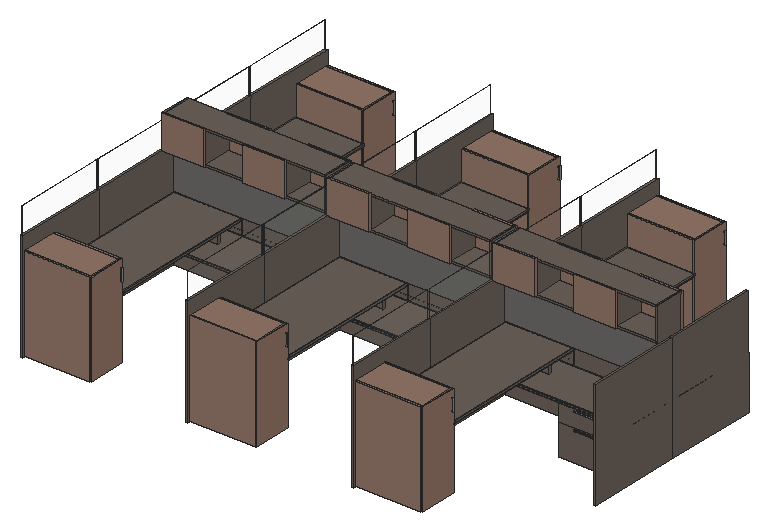
Revit family "T200181", category Furniture, Revit 2015
Parameters (values of type "T200181")
  URL = "https://ofs.com/"
  Type Comments = ""
  Staks slide Out Storage Tower Door Handle = OFS STAKS Metal Handle Material
  Staks slide Out Storage Tower Door = OFS STAKS Veneer Finish
  Staks slide Out Storage Tower Chasis = OFS STAKS Veneer Finish
  Staks fabric Tackboard = STAKS FABRIC TACKBOARD
  Staks Support Panel = STAKS SUPPORT WD
  Staks Spine or Divider Wall = STAKS SURFACE LG
  Staks Double Sided Frosted Glass = OFS STAKS Frosted Glass
  Staks 15h Shared Organizer Door = OFS STAKS Doors Material
  Staks 15h Shared Organizer Board = OFS STAKS Boards
  Model = "T200181"
  Manufacturer = "OFS"
  Description = "OFS TYPICAL T200181"
  Copyright © = "©OFS 2020"
  Catalog = "https://ofs.com/2020-experience"
  Authoring Version = "Autodesk Revit Architecture 2015"
  Assembly Code = "E2020400"
Reference planes (in)
  plane 1 "Center Front/Back": y = 0
  plane 2: z = 0
  plane 3 "Center Left/Right": x = 0
Dimensions and locks (in)
  nested 12 to nested 15 = 72.00"
  aligned and locked: level to plane 2
Nested families (in)
  nested 1: "STAKS SLIDE OUT STORAGE TOWER Full Door" at (-52.49965, -104.47711, 0) x (0, 1, 0) z (0, 0, 1), type "STAKS SLIDE OUT STORAGE TOWER 42H Left - Three Section Felt Pocket & Section Felt Pocket & Stationary Shelf"
  nested 2: "STAKS SLIDE OUT STORAGE TOWER Full Door" at (-52.49965, 104.47711, 0) x (0, -1, 0) z (0, 0, 1), type "STAKS SLIDE OUT STORAGE TOWER 42H Right - Three Section Felt Pocket & Section Felt Pocket & Stationary Shelf"
  nested 3: "STAKS RECTANGULAR WORKSURFACES Worksurface Height" at (-74.33365, -74.05498, 0) x (0, 1, 0) z (0, 0, 1), type "STAKS RECTANGULAR WORKSURFACE 66 x 30"
    with Height Above Floor 29.00"
  nested 4: "STAKS RECTANGULAR WORKSURFACES Worksurface Height" at (-74.33365, 74.05498, 0) x (0, -1, 0) z (0, 0, 1), type "STAKS RECTANGULAR WORKSURFACE 66 x 30"
    with Height Above Floor 29.00"
  nested 5: "STAKS RECTANGULAR WORKSURFACES Short Grain" at (7.05498, -25.83365, -5.875) x (-1, 0, 0) z (0, 0, 1), type "STAKS RECTANGULAR WORKSURFACE 22 x 72"
    with Height Above Floor 29.00"
  nested 6: "STAKS LOW HEIGHT PEDESTAL WIDE - BOX-FILE - NO RISER SUPPORT" at (-36.23105, -24.50035, 0) x (1, 0, 0) z (0, 0, 1), type "STAKS LOW HEIGHT PEDESTAL WIDE - BOX-FILE - NO RISER SUPPORT 30in W x 19in D"
  nested 7: "STAKS LOW HEIGHT PEDESTAL WIDE - BOX-FILE - NO RISER SUPPORT" at (-36.23105, 24.50034, 0), type "STAKS LOW HEIGHT PEDESTAL WIDE - BOX-FILE - NO RISER SUPPORT 30in W x 19in D"
  nested 8: "STAKS RECTANGULAR WORKSURFACES Short Grain" at (7.05498, 25.83365, -5.875) x (-1, 0, 0) z (0, 0, 1), type "STAKS RECTANGULAR WORKSURFACE 22 x 72"
    with Height Above Floor 29.00"
  nested 9: "STAKS SPINE OR DIVIDER WALL 48in" at (-80.05498, 2.33365, 0), type "STAKS SPINE OR DIVIDER WALL 48in X 30in"
    with Height Above Floor 48.00"
  nested 10: "STAKS SPINE OR DIVIDER WALL 48in" at (-50.05498, 2.33365, 0), Staks Spine or Divider Wall <- "Staks Spine or Divider Wall", type "STAKS SPINE OR DIVIDER WALL 48in X 42in"
    with Height Above Floor 48.00"
  nested 11: "STAKS SPINE OR DIVIDER WALL 48in" at (-2.33365, 34.44502, 0) x (0, 1, 0) z (0, 0, 1), Staks Spine or Divider Wall <- "Staks Spine or Divider Wall", type "STAKS SPINE OR DIVIDER WALL 48in X 42in"
    with Height Above Floor 48.00"
  nested 12: "STAKS SPINE OR DIVIDER WALL 48in" at (-2.33365, -34.44502, 0) x (0, -1, 0) z (0, 0, 1), Staks Spine or Divider Wall <- "Staks Spine or Divider Wall", type "STAKS SPINE OR DIVIDER WALL 48in X 42in"
    with Height Above Floor 48.00"
  nested 13: "STAKS SPINE OR DIVIDER WALL 48in" at (-2.33365, -49.55498, 0) x (0, 1, 0) z (0, 0, 1), Staks Spine or Divider Wall <- "Staks Spine or Divider Wall", type "STAKS SPINE OR DIVIDER WALL 48in X 42in"
    with Height Above Floor 48.00"
  nested 14: "STAKS SPINE OR DIVIDER WALL 48in" at (-2.33365, 49.55498, 0) x (0, -1, 0) z (0, 0, 1), Staks Spine or Divider Wall <- "Staks Spine or Divider Wall", type "STAKS SPINE OR DIVIDER WALL 48in X 42in"
    with Height Above Floor 48.00"
  nested 15: "STAKS SPINE OR DIVIDER WALL 48in" at (-75.33365, -34.44502, 0) x (0, -1, 0) z (0, 0, 1), Staks Spine or Divider Wall <- "Staks Spine or Divider Wall", type "STAKS SPINE OR DIVIDER WALL 48in X 42in"
    with Height Above Floor 48.00"
  nested 16: "STAKS SPINE OR DIVIDER WALL 48in" at (-75.33365, -49.55498, 0) x (0, 1, 0) z (0, 0, 1), Staks Spine or Divider Wall <- "Staks Spine or Divider Wall", type "STAKS SPINE OR DIVIDER WALL 48in X 42in"
    with Height Above Floor 48.00"
  nested 17: "STAKS SPINE OR DIVIDER WALL 48in" at (-75.33365, 34.44502, 0) x (0, 1, 0) z (0, 0, 1), Staks Spine or Divider Wall <- "Staks Spine or Divider Wall", type "STAKS SPINE OR DIVIDER WALL 48in X 42in"
    with Height Above Floor 48.00"
  nested 18: "STAKS SPINE OR DIVIDER WALL 48in" at (-75.33365, 49.55498, 0) x (0, -1, 0) z (0, 0, 1), Staks Spine or Divider Wall <- "Staks Spine or Divider Wall", type "STAKS SPINE OR DIVIDER WALL 48in X 42in"
    with Height Above Floor 48.00"
  nested 19: "STAKS DOUBLE SIDED FROSTED GLASS PRIVACY PANEL" at (-70.24572, -46.49606, 0.5) x (0, 1, 0) z (0, 0, 1), type "STAKS DOUBLE SIDED FROSTED GLASS PRIVACY PANEL 41 x 13"
  nested 20: "STAKS DOUBLE SIDED FROSTED GLASS PRIVACY PANEL" at (-70.24572, -4.49606, 0.5) x (0, 1, 0) z (0, 0, 1), type "STAKS DOUBLE SIDED FROSTED GLASS PRIVACY PANEL 41 x 13"
  nested 21: "STAKS DOUBLE SIDED FROSTED GLASS PRIVACY PANEL" at (-70.24572, 46.49606, 0.5) x (0, -1, 0) z (0, 0, 1), type "STAKS DOUBLE SIDED FROSTED GLASS PRIVACY PANEL 41 x 13"
  nested 22: "STAKS DOUBLE SIDED FROSTED GLASS PRIVACY PANEL" at (-70.24572, 4.49606, 0.5) x (0, -1, 0) z (0, 0, 1), type "STAKS DOUBLE SIDED FROSTED GLASS PRIVACY PANEL 41 x 13"
  nested 23: "STAKS DOUBLE SIDED FROSTED GLASS PRIVACY PANEL" at (2.75428, -46.49606, 0.5) x (0, 1, 0) z (0, 0, 1), type "STAKS DOUBLE SIDED FROSTED GLASS PRIVACY PANEL 41 x 13"
  nested 24: "STAKS DOUBLE SIDED FROSTED GLASS PRIVACY PANEL" at (2.75428, -4.49606, 0.5) x (0, 1, 0) z (0, 0, 1), type "STAKS DOUBLE SIDED FROSTED GLASS PRIVACY PANEL 41 x 13"
  nested 25: "STAKS DOUBLE SIDED FROSTED GLASS PRIVACY PANEL" at (2.75428, 46.49606, 0.5) x (0, -1, 0) z (0, 0, 1), type "STAKS DOUBLE SIDED FROSTED GLASS PRIVACY PANEL 41 x 13"
  nested 26: "STAKS DOUBLE SIDED FROSTED GLASS PRIVACY PANEL" at (2.75428, 4.49606, 0.5) x (0, -1, 0) z (0, 0, 1), type "STAKS DOUBLE SIDED FROSTED GLASS PRIVACY PANEL 41 x 13"
  nested 27: "STAKS FABRIC TACKBOARD FOR SPINE OR DIVIDER WALL" at (-79.92998, 1.20865, 6), type "STAKS FABRIC TACKBOARD FOR SPINE OR DIVIDER WALL 18H x 49-73.9375W."
    with Height Above Floor 41.50"
  nested 28: "STAKS FABRIC TACKBOARD FOR SPINE OR DIVIDER WALL" at (-79.92998, -1.20865, 6), type "STAKS FABRIC TACKBOARD FOR SPINE OR DIVIDER WALL 18H x 49-73.9375W."
    with Height Above Floor 41.50"
  nested 29: "STAKS 15H SHARED ORGANIZER Two Openings Alternated" at (-63.67604, 8.33365, 0.5), type "STAKS 15H SHARED ORGANIZER Two Openings Alternated 72in W"
    with Height Above Floor 62.50"
  nested 30: "STAKS SLIDE OUT STORAGE TOWER Full Door" at (20.62535, -104.47711, 0) x (0, 1, 0) z (0, 0, 1), type "STAKS SLIDE OUT STORAGE TOWER 42H Left - Three Section Felt Pocket & Section Felt Pocket & Stationary Shelf"
  nested 31: "STAKS SLIDE OUT STORAGE TOWER Full Door" at (20.62535, 104.47711, 0) x (0, -1, 0) z (0, 0, 1), type "STAKS SLIDE OUT STORAGE TOWER 42H Right - Three Section Felt Pocket & Section Felt Pocket & Stationary Shelf"
  nested 32: "STAKS RECTANGULAR WORKSURFACES Worksurface Height" at (-1.20865, -74.05498, 0) x (0, 1, 0) z (0, 0, 1), type "STAKS RECTANGULAR WORKSURFACE 66 x 30"
    with Height Above Floor 29.00"
  nested 33: "STAKS RECTANGULAR WORKSURFACES Worksurface Height" at (-1.20865, 74.05498, 0) x (0, -1, 0) z (0, 0, 1), type "STAKS RECTANGULAR WORKSURFACE 66 x 30"
    with Height Above Floor 29.00"
  nested 34: "STAKS RECTANGULAR WORKSURFACES Short Grain" at (80.17998, -25.83365, -5.875) x (-1, 0, 0) z (0, 0, 1), type "STAKS RECTANGULAR WORKSURFACE 22 x 72"
    with Height Above Floor 29.00"
  nested 35: "STAKS LOW HEIGHT PEDESTAL WIDE - BOX-FILE - NO RISER SUPPORT" at (36.77672, -24.50035, 0) x (1, 0, 0) z (0, 0, 1), type "STAKS LOW HEIGHT PEDESTAL WIDE - BOX-FILE - NO RISER SUPPORT 30in W x 19in D"
  nested 36: "STAKS LOW HEIGHT PEDESTAL WIDE - BOX-FILE - NO RISER SUPPORT" at (36.76895, 24.50035, 0), type "STAKS LOW HEIGHT PEDESTAL WIDE - BOX-FILE - NO RISER SUPPORT 30in W x 19in D"
  nested 37: "STAKS RECTANGULAR WORKSURFACES Short Grain" at (80.17998, 25.83365, -5.875) x (-1, 0, 0) z (0, 0, 1), type "STAKS RECTANGULAR WORKSURFACE 22 x 72"
    with Height Above Floor 29.00"
  nested 38: "STAKS SPINE OR DIVIDER WALL 48in" at (-6.92998, 2.33365, 0), type "STAKS SPINE OR DIVIDER WALL 48in X 30in"
    with Height Above Floor 48.00"
  nested 39: "STAKS SPINE OR DIVIDER WALL 48in" at (23.07002, 2.33365, 0), Staks Spine or Divider Wall <- "Staks Spine or Divider Wall", type "STAKS SPINE OR DIVIDER WALL 48in X 42in"
    with Height Above Floor 48.00"
  nested 40: "STAKS FABRIC TACKBOARD FOR SPINE OR DIVIDER WALL" at (-6.80498, 1.20865, 6), type "STAKS FABRIC TACKBOARD FOR SPINE OR DIVIDER WALL 18H x 49-73.9375W."
    with Height Above Floor 41.50"
  nested 41: "STAKS FABRIC TACKBOARD FOR SPINE OR DIVIDER WALL" at (-6.80498, -1.20865, 6), type "STAKS FABRIC TACKBOARD FOR SPINE OR DIVIDER WALL 18H x 49-73.9375W."
    with Height Above Floor 41.50"
  nested 42: "STAKS 15H SHARED ORGANIZER Two Openings Alternated" at (9.44896, 8.33365, 0.5), type "STAKS 15H SHARED ORGANIZER Two Openings Alternated 72in W"
    with Height Above Floor 62.50"
  nested 43: "STAKS SPINE OR DIVIDER WALL 48in" at (70.91241, -49.55498, 0) x (0, 1, 0) z (0, 0, 1), Staks Spine or Divider Wall <- "Staks Spine or Divider Wall", type "STAKS SPINE OR DIVIDER WALL 48in X 42in"
    with Height Above Floor 48.00"
  nested 44: "STAKS SPINE OR DIVIDER WALL 48in" at (70.91241, 49.55498, 0) x (0, -1, 0) z (0, 0, 1), Staks Spine or Divider Wall <- "Staks Spine or Divider Wall", type "STAKS SPINE OR DIVIDER WALL 48in X 42in"
    with Height Above Floor 48.00"
  nested 45: "STAKS SLIDE OUT STORAGE TOWER Full Door" at (-125.49965, -104.47711, 0) x (0, 1, 0) z (0, 0, 1), type "STAKS SLIDE OUT STORAGE TOWER 42H Left - Three Section Felt Pocket & Section Felt Pocket & Stationary Shelf"
  nested 46: "STAKS SLIDE OUT STORAGE TOWER Full Door" at (-125.49965, 104.47711, 0) x (0, -1, 0) z (0, 0, 1), type "STAKS SLIDE OUT STORAGE TOWER 42H Right - Three Section Felt Pocket & Section Felt Pocket & Stationary Shelf"
  nested 47: "STAKS RECTANGULAR WORKSURFACES Worksurface Height" at (-147.33365, -74.05498, 0) x (0, 1, 0) z (0, 0, 1), type "STAKS RECTANGULAR WORKSURFACE 66 x 30"
    with Height Above Floor 29.00"
  nested 48: "STAKS RECTANGULAR WORKSURFACES Worksurface Height" at (-147.33365, 74.05498, 0) x (0, -1, 0) z (0, 0, 1), type "STAKS RECTANGULAR WORKSURFACE 66 x 30"
    with Height Above Floor 29.00"
  nested 49: "STAKS RECTANGULAR WORKSURFACES Short Grain" at (-65.94502, -25.83365, -5.875) x (-1, 0, 0) z (0, 0, 1), type "STAKS RECTANGULAR WORKSURFACE 22 x 72"
    with Height Above Floor 29.00"
  nested 50: "STAKS LOW HEIGHT PEDESTAL WIDE - BOX-FILE - NO RISER SUPPORT" at (-109.22711, -24.4942, 0) x (1, 0, 0) z (0, 0, 1), type "STAKS LOW HEIGHT PEDESTAL WIDE - BOX-FILE - NO RISER SUPPORT 30in W x 19in D"
  nested 51: "STAKS LOW HEIGHT PEDESTAL WIDE - BOX-FILE - NO RISER SUPPORT" at (-109.23105, 24.50034, 0), type "STAKS LOW HEIGHT PEDESTAL WIDE - BOX-FILE - NO RISER SUPPORT 30in W x 19in D"
  nested 52: "STAKS RECTANGULAR WORKSURFACES Short Grain" at (-65.94502, 25.83365, -5.875) x (-1, 0, 0) z (0, 0, 1), type "STAKS RECTANGULAR WORKSURFACE 22 x 72"
    with Height Above Floor 29.00"
  nested 53: "STAKS SPINE OR DIVIDER WALL 48in" at (-153.05498, 2.33365, 0), type "STAKS SPINE OR DIVIDER WALL 48in X 30in"
    with Height Above Floor 48.00"
  nested 54: "STAKS SPINE OR DIVIDER WALL 48in" at (-123.05498, 2.33365, 0), Staks Spine or Divider Wall <- "Staks Spine or Divider Wall", type "STAKS SPINE OR DIVIDER WALL 48in X 42in"
    with Height Above Floor 48.00"
  nested 55: "STAKS SPINE OR DIVIDER WALL 48in" at (-148.33365, -34.44502, 0) x (0, -1, 0) z (0, 0, 1), Staks Spine or Divider Wall <- "Staks Spine or Divider Wall", type "STAKS SPINE OR DIVIDER WALL 48in X 42in"
    with Height Above Floor 48.00"
  nested 56: "STAKS SPINE OR DIVIDER WALL 48in" at (-148.33365, -49.55498, 0) x (0, 1, 0) z (0, 0, 1), Staks Spine or Divider Wall <- "Staks Spine or Divider Wall", type "STAKS SPINE OR DIVIDER WALL 48in X 42in"
    with Height Above Floor 48.00"
  nested 57: "STAKS SPINE OR DIVIDER WALL 48in" at (-148.33365, 34.44502, 0) x (0, 1, 0) z (0, 0, 1), Staks Spine or Divider Wall <- "Staks Spine or Divider Wall", type "STAKS SPINE OR DIVIDER WALL 48in X 42in"
    with Height Above Floor 48.00"
  nested 58: "STAKS SPINE OR DIVIDER WALL 48in" at (-148.33365, 49.55498, 0) x (0, -1, 0) z (0, 0, 1), Staks Spine or Divider Wall <- "Staks Spine or Divider Wall", type "STAKS SPINE OR DIVIDER WALL 48in X 42in"
    with Height Above Floor 48.00"
  nested 59: "STAKS DOUBLE SIDED FROSTED GLASS PRIVACY PANEL" at (-143.24572, -46.49606, 0.5) x (0, 1, 0) z (0, 0, 1), type "STAKS DOUBLE SIDED FROSTED GLASS PRIVACY PANEL 41 x 13"
  nested 60: "STAKS DOUBLE SIDED FROSTED GLASS PRIVACY PANEL" at (-143.24572, -4.49606, 0.5) x (0, 1, 0) z (0, 0, 1), type "STAKS DOUBLE SIDED FROSTED GLASS PRIVACY PANEL 41 x 13"
  nested 61: "STAKS DOUBLE SIDED FROSTED GLASS PRIVACY PANEL" at (-143.24572, 46.49606, 0.5) x (0, -1, 0) z (0, 0, 1), type "STAKS DOUBLE SIDED FROSTED GLASS PRIVACY PANEL 41 x 13"
  nested 62: "STAKS DOUBLE SIDED FROSTED GLASS PRIVACY PANEL" at (-143.24572, 4.49606, 0.5) x (0, -1, 0) z (0, 0, 1), type "STAKS DOUBLE SIDED FROSTED GLASS PRIVACY PANEL 41 x 13"
  nested 63: "STAKS FABRIC TACKBOARD FOR SPINE OR DIVIDER WALL" at (-152.92998, -1.20865, 6), type "STAKS FABRIC TACKBOARD FOR SPINE OR DIVIDER WALL 18H x 49-73.9375W."
    with Height Above Floor 41.50"
  nested 64: "STAKS 15H SHARED ORGANIZER Two Openings Alternated" at (-136.67604, 8.33365, 0.5), type "STAKS 15H SHARED ORGANIZER Two Openings Alternated 72in W"
    with Height Above Floor 62.50"
  nested 65: "STAKS FABRIC TACKBOARD FOR SPINE OR DIVIDER WALL" at (-153.05498, 1.20865, 6), type "STAKS FABRIC TACKBOARD FOR SPINE OR DIVIDER WALL 18H x 49-73.9375W."
    with Height Above Floor 41.50"
  nested 66: "STAKS RISER SUPPORT PANELS P _ T SHAPED" at (-118.85303, -23.875, 0) x (0, -1, 0) z (0, 0, 1), type "STAKS RISER SUPPORT PANEL T SHAPE 26 X 9.5"
  nested 67: "STAKS RISER SUPPORT PANELS P _ T SHAPED" at (-45.85303, -23.875, 0) x (0, -1, 0) z (0, 0, 1), type "STAKS RISER SUPPORT PANEL T SHAPE 26 X 9.5"
  nested 68: "STAKS RISER SUPPORT PANELS P _ T SHAPED" at (27.14697, -23.875, 0) x (0, -1, 0) z (0, 0, 1), type "STAKS RISER SUPPORT PANEL T SHAPE 26 X 9.5"
  nested 69: "STAKS RISER SUPPORT PANELS P _ T SHAPED" at (-118.85303, 23.875, 0) x (0, 1, 0) z (0, 0, 1), type "STAKS RISER SUPPORT PANEL T SHAPE 26 X 9.5"
  nested 70: "STAKS RISER SUPPORT PANELS P _ T SHAPED" at (-45.85303, 23.875, 0) x (0, 1, 0) z (0, 0, 1), type "STAKS RISER SUPPORT PANEL T SHAPE 26 X 9.5"
  nested 71: "STAKS RISER SUPPORT PANELS P _ T SHAPED" at (27.14697, 23.875, 0) x (0, 1, 0) z (0, 0, 1), type "STAKS RISER SUPPORT PANEL T SHAPE 26 X 9.5"
Definition of nested family "STAKS SLIDE OUT STORAGE TOWER Full Door"
  Parameters (values of type "STAKS SLIDE OUT STORAGE TOWER 42H Left - Box Drawer & 2 Stationary Shelf")
    URL = "http://www.ofs.com/"
    Right = no
    Model = "6-1742SOSL2"
    Manufacturer = "OFS"
    Left = yes
    Height = 42.00"
    Door Material = none
    Door Handle Material = none
    Description = "OFS STAKS SLIDE OUT STORAGE TOWER 42in Height, Left Aligned, Box Drawer & 2 Stationary Shelf"
    Width = 17.00"
    Depth = 30.00"
    Copyright © = "© 2018 OFS"
    Chasis Material = none
    Catalog = "https://ofs.com/products/casegoods/private-office/staks"
    Board Width = 0.75"
    Authoring Version = "Autodesk Revit Architecture 2013"
    Assembly Code = "E2020200"
  Types (12): name | Right | Model | Left | Height | Description
    STAKS SLIDE OUT STORAGE TOWER 42H Left - Three Section Felt Pocket & Section Felt Pocket & Stationary Shelf | no | "6-1742SOSL1" | yes | 42.00" | "OFS STAKS SLIDE OUT STORAGE TOWER 42in Height, Left Aligned, Three Section Felt Pocket& Section Felt Pocket & Stationary Shelf"
    STAKS SLIDE OUT STORAGE TOWER 42H Right - Three Section Felt Pocket & Section Felt Pocket & Stationary Shelf | yes | "6-1742SOSR1" | no | 42.00" | "OFS STAKS SLIDE OUT STORAGE TOWER 42in Height, Right Aligned, Three Section Felt Pocket& Section Felt Pocket & Stationary Shelf"
    STAKS SLIDE OUT STORAGE TOWER 48H Right - Three Section Felt Pocket & Section Felt Pocket & 2 Stationary Shelf | yes | "6-1748SOSR1" | no | 48.00" | "OFS STAKS SLIDE OUT STORAGE TOWER 48in Height, Right Aligned, Three Section Felt Pocket& Section Felt Pocket & 2 Stationary Shelf"
    STAKS SLIDE OUT STORAGE TOWER 48H Left - Three Section Felt Pocket & Section Felt Pocket & 2 Stationary Shelf | no | "6-1748SOSL1" | yes | 48.00" | "OFS STAKS SLIDE OUT STORAGE TOWER 48in Height, Left Aligned, Three Section Felt Pocket& Section Felt Pocket & 2 Stationary Shelf"
    STAKS SLIDE OUT STORAGE TOWER 42H Left - Box Drawer & 2 Stationary Shelf | no | "6-1742SOSL2" | yes | 42.00" | "OFS STAKS SLIDE OUT STORAGE TOWER 42in Height, Left Aligned, Box Drawer & 2 Stationary Shelf"
    STAKS SLIDE OUT STORAGE TOWER 42H Right - Box Drawer & 2 Stationary Shelf | yes | "6-1742SOSR2" | no | 42.00" | "OFS STAKS SLIDE OUT STORAGE TOWER 42in Height, Right Aligned, Box Drawer & 2 Stationary Shelf"
    STAKS SLIDE OUT STORAGE TOWER 48H Left - Box Drawer & 3 Stationary Shelf | no | "6-1748SOSL2" | yes | 48.00" | "OFS STAKS SLIDE OUT STORAGE TOWER 48in Height, Left Aligned, Box Drawer & 3 Stationary Shelf"
    STAKS SLIDE OUT STORAGE TOWER 48H Right - Box Drawer & 3 Stationary Shelf | yes | "6-1748SOSR2" | no | 48.00" | "OFS STAKS SLIDE OUT STORAGE TOWER 48in Height, Left Aligned, Box Drawer & 3 Stationary Shelf"
    STAKS SLIDE OUT STORAGE TOWER 42H Left - 2 Stationary Shelf | no | "6-1742SOSL3" | yes | 42.00" | "OFS STAKS SLIDE OUT STORAGE TOWER 42in Height, Left Aligned, 2 Stationary Shelf"
    STAKS SLIDE OUT STORAGE TOWER 48H Left - 3 Stationary Shelf | no | "6-1748SOSL3" | yes | 48.00" | "OFS STAKS SLIDE OUT STORAGE TOWER 48in Height, Left Aligned, 3 Stationary Shelf"
    STAKS SLIDE OUT STORAGE TOWER 42H Right - 2 Stationary Shelf | yes | "6-1742SOSR3" | no | 42.00" | "OFS STAKS SLIDE OUT STORAGE TOWER 42in Height, Right Aligned, 2 Stationary Shelf"
    STAKS SLIDE OUT STORAGE TOWER 48H Right - 3 Stationary Shelf | yes | "6-1748SOSR3" | no | 42.00" | "OFS STAKS SLIDE OUT STORAGE TOWER 48in Height, Right Aligned, 3 Stationary Shelf"
  Reference planes (in)
    plane 1: z = 0
    plane 2 "Right": x = 20.97711
    plane 3 "PEDESTAL TOP": z = 41.25
    plane 4: z = 1.25
    plane 5: z = 0.5
    plane 6: z = 42
    plane 7: x = 37.97711
    plane 8: y = -9.24965
    plane 9: y = -9.99965
    plane 10: x = 21.72711
    plane 11: x = 37.22711
    plane 12: y = 20.00035
    plane 13: y = 5.00035
    plane 14: x = 29.47711
    plane 15: y = 19.25035
    plane 16: z = 41.875
    plane 17: z = 0.625
    plane 18: x = 21.03961
    plane 19: x = 37.91461
    plane 20: z = 3.57087
    plane 21: z = 2.82087
    plane 22: y = -4.24965
    plane 23: z = 39.07406
    plane 24: z = 38.69906
    plane 25: z = 34.01156
    plane 26: z = 33.63656
    plane 27: y = -10.99965
    plane 28: y = -10.74965
    plane 29: x = 36.41461
    plane 30: x = 36.91461
    plane 31: x = 22.53961
    plane 32: x = 22.03961
  Forms (in)
    Extrusion 1, solid, material <- "Door Material"
      sketch origin (65.97711, 5, -13.1802) x (0, 1, 0) y (0, 0, -1)
        loop
          line (-14.99965, -55.0552) -> (-14.24965, -55.0552) -> (-14.24965, -13.8052) -> (-14.99965, -13.8052) -> (-14.99965, -55.0552)
      from 28.0625 to 44.9375
    Extrusion 2, solid, material <- "Chasis Material"
      sketch origin (44.95422, -1.24965, 0) x (-1, 0, 0) y (0, 0, -1)
        loop
          line (6.97711, -0.5) -> (6.97711, -42) -> (7.72711, -42) -> (7.72711, -0.5) -> (6.97711, -0.5)
      from -21.25 to 8
    Extrusion 3, solid, material <- "Chasis Material"
      sketch origin (31.20422, -1.24965, 0) x (-1, 0, 0) y (0, 0, -1)
        loop
          line (9.47711, -0.5) -> (9.47711, -42) -> (10.22711, -42) -> (10.22711, -0.5) -> (9.47711, -0.5)
      from -21.25 to 8
    Extrusion 4, solid, material <- "Chasis Material"
      sketch origin (22.60211, 31.02324, 0) x (0, 1, 0) y (0, 0, -1)
        loop
          line (-11.77289, -0.5) -> (-11.77289, -41.25) -> (-11.02289, -41.25) -> (-11.02289, -0.5) -> (-11.77289, -0.5)
      from -14.625 to 0.875
    Extrusion 5, solid, material <- "Chasis Material"
      sketch origin (84.51466, 23.31058, 11.25) x (1, 0, 0) y (0, 1, 0)
        loop
          line (-47.28755, -3.31023) -> (-62.78755, -3.31023) -> (-62.78755, -32.56023) -> (-47.28755, -32.56023) -> (-47.28755, -3.31023)
      from 30.75 to 30
    Extrusion 6, solid, material <- "Chasis Material"
      sketch origin (41.95422, 10.87535, -22.67913) x (-1, 0, 0) y (0, 0, -1)
        loop
          line (4.72711, -26.25) -> (20.22711, -26.25) -> (20.22711, -25.5) -> (4.72711, -25.5) -> (4.72711, -26.25)
      from -8.375 to 15.125
    Extrusion 7, solid, material <- "Door Handle Material", visible <- "Left"
      sketch origin (-12.02289, 0, 0) x (0, 1, 0) y (0, 0, 1)
        loop
          line (-10.99965, 33.63656) -> (-9.99965, 33.63656) -> (-9.99965, 34.01156) -> (-10.74965, 34.01156) -> (-10.74965, 38.69906) -> (-9.99965, 38.69906) -> (-9.99965, 39.07406) -> (-10.99965, 39.07406) -> (-10.99965, 33.63656)
      from 48.4375 to 48.9375
    Extrusion 8, solid, material <- "Door Handle Material", visible <- "Right"
      sketch origin (70.97711, 0, 0) x (0, 1, 0) y (0, 0, -1)
        loop
          line (-10.99965, -33.63656) -> (-10.99965, -39.07406) -> (-9.99965, -39.07406) -> (-9.99965, -38.69906) -> (-10.74965, -38.69906) -> (-10.74965, -34.01156) -> (-9.99965, -34.01156) -> (-9.99965, -33.63656) -> (-10.99965, -33.63656)
      from 48.4375 to 48.9375
  Dimensions and locks (in)
    "Board Width": plane 9 to plane 8
    "Width": plane 7 to plane 2 "Right"
    "Board Width": plane 7 to plane 11
    "Board Width": plane 15 to plane 12
    "Board Width": plane 2 "Right" to plane 10
    equal spacing: plane 2 "Right", plane 14, plane 7
    "Depth": plane 9 to plane 12
    "Board Width": plane 6 to plane 3 "PEDESTAL TOP"
    "Board Width": plane 4 to plane 5
    "Height": plane 6 to level
    equal spacing: plane 9, plane 13, plane 12
    locked: plane 6 to plane 16 at 0.125
    locked: plane 17 to plane 5 at 0.125
    locked: plane 18 to plane 2 "Right" at 0.0625
    locked: plane 19 to plane 7 at 0.0625
    locked: plane 5 to plane 1 at 0.5
    locked: plane 21 to plane 4 at 1.57087
    "Board Width": plane 20 to plane 21
    locked: plane 8 to plane 22 at 5
    plane 29 to plane 30 to plane 7 = 0.50" locked, 1.0625" locked
    plane 6 to plane 23 to plane 24 to plane 25 to plane 26 = 2.92594" locked, 0.375" locked, 4.6875" locked, 0.375" locked
    plane 9 to plane 28 to plane 27 = 0.75" locked, 0.25" locked
    plane 31 to plane 32 to plane 2 "Right" = 0.50" locked, 1.0625" locked
    aligned and locked: level to plane 1
    aligned and locked: plane 12 to Extrusion 3
    aligned and locked: Extrusion 3 to plane 8
    aligned and locked: Extrusion 2 to plane 8
    aligned and locked: plane 12 to Extrusion 2
    aligned and locked: plane 11 to Extrusion 4
    aligned and locked: Extrusion 4 to plane 10
    aligned and locked: plane 10 to Extrusion 3
    aligned and locked: plane 2 "Right" to Extrusion 3
    aligned and locked: Extrusion 2 to plane 11
    aligned and locked: plane 7 to Extrusion 2
    aligned and locked: plane 12 to Extrusion 4
    aligned and locked: plane 8 to Extrusion 1 sketch curve
    aligned and locked: Extrusion 1 sketch curve to plane 9
    aligned and locked: plane 6 to Extrusion 5
    aligned and locked: Extrusion 5 to plane 3 "PEDESTAL TOP"
    aligned and locked: Extrusion 5 to plane 12
    aligned and locked: plane 10 to Extrusion 5
    aligned and locked: Extrusion 5 to plane 11
    aligned and locked: plane 6 to Extrusion 2
    aligned and locked: plane 6 to Extrusion 3
    aligned and locked: plane 8 to Extrusion 5
    aligned and locked: plane 15 to Extrusion 4
    aligned and locked: plane 16 to Extrusion 1
    aligned and locked: Extrusion 1 to plane 17
    aligned and locked: Extrusion 1 to plane 19
    aligned and locked: Extrusion 1 to plane 18
    aligned and locked: plane 10 to Extrusion 6
    aligned and locked: Extrusion 6 to plane 11
    aligned and locked: plane 20 to Extrusion 6
    aligned and locked: Extrusion 6 to plane 21
    aligned and locked: Extrusion 6 to plane 15
    aligned and locked: plane 22 to Extrusion 6
    aligned and locked: plane 27 to Extrusion 7 sketch curve
    aligned and locked: plane 23 to Extrusion 7 sketch curve
    aligned and locked: plane 26 to Extrusion 7 sketch curve
    aligned and locked: Extrusion 7 sketch curve to plane 9
    aligned and locked: plane 25 to Extrusion 7 sketch curve
    aligned and locked: plane 28 to Extrusion 7 sketch curve
    aligned and locked: plane 24 to Extrusion 7 sketch curve
    aligned and locked: Extrusion 7 to plane 30
    aligned and locked: plane 29 to Extrusion 7
    aligned and locked: plane 32 to Extrusion 8  (x2)
    aligned and locked: Extrusion 8 to plane 31  (x2)
    aligned and locked: plane 28 to Extrusion 8
    aligned and locked: Extrusion 8 to plane 27
    aligned and locked: plane 23 to Extrusion 8
    aligned and locked: Extrusion 8 to plane 24
    aligned and locked: plane 25 to Extrusion 8
    aligned and locked: Extrusion 8 to plane 26
    aligned and locked: Extrusion 8 to plane 9  (x2)
  Automatic sketch dimensions
    Extrusion 7 sketch curve to plane 9 = 0.00"
    Extrusion 8 sketch curve to plane 23 = 0.00"
    Extrusion 8 sketch curve to plane 27 = 0.00"
    Extrusion 8 sketch curve to plane 25 = 0.00"
    Extrusion 8 sketch curve to plane 28 = 0.00"
    Extrusion 8 sketch curve to plane 9 = 0.00"  (x2)
    Extrusion 8 sketch curve to plane 24 = 0.00"
    Extrusion 8 sketch curve to plane 26 = 0.00"
    Extrusion 1 sketch curve to plane 17 = 0.00"
    Extrusion 1 sketch curve to plane 16 = 0.00"
    Extrusion 2 sketch curve to plane 5 = 0.00"
    plane 7 to Extrusion 2 sketch curve = 0.00"
    Extrusion 2 sketch curve to plane 6 = 0.00"
    plane 11 to Extrusion 2 sketch curve = 0.00"
    Extrusion 3 sketch curve to plane 5 = 0.00"
    plane 10 to Extrusion 3 sketch curve = 0.00"
    Extrusion 3 sketch curve to plane 2 "Right" = 0.00"
    Extrusion 3 sketch curve to plane 6 = 0.00"
    Extrusion 4 sketch curve to plane 5 = 0.00"
    Extrusion 4 sketch curve to plane 15 = 0.00"
    Extrusion 4 sketch curve to plane 3 "PEDESTAL TOP" = 0.00"
    Extrusion 4 sketch curve to plane 12 = 0.00"
    Extrusion 5 sketch curve to plane 10 = 0.00"
    plane 8 to Extrusion 5 sketch curve = 0.00"
    Extrusion 5 sketch curve to plane 11 = 0.00"
    plane 12 to Extrusion 5 sketch curve = 0.00"
    plane 11 to Extrusion 6 sketch curve = 0.00"
    plane 10 to Extrusion 6 sketch curve = 0.00"
    Extrusion 6 sketch curve to plane 20 = 0.00"
    Extrusion 6 sketch curve to plane 21 = 0.00"
Definition of nested family "STAKS RECTANGULAR WORKSURFACES Worksurface Height"
  Parameters (values of type "STAKS RECTANGULAR WORKSURFACE 54 x 30")
    URL = "http://www.ofs.com/"
    Height Above Floor [instance] = 29.00"
    Height = 1.125"
    Depth = 30.00"
    Model = "6-MCT-54/30"
    Manufacturer = "OFS"
    Description = "OFS STAKS 54\" X 30\" RECTANGULAR WORKSURFACE For Worksurface or Low Height Applications, Short Grain"
    Width = 54.00"
    Copyright © = "© 2018 OFS"
    Catalog = "https://ofs.com/products/casegoods/private-office/staks"
    Authoring Version = "Autodesk Revit Architecture 2013"
    Assembly Code = "E2020200"
  Types (12): name | Depth | Model | Description | Width
    STAKS RECTANGULAR WORKSURFACE 60 x 30 | 30.00" | "6-MCT-60/30" | "OFS STAKS 60\" X 30\" RECTANGULAR WORKSURFACE For Worksurface or Low Height Applications, Short Grain" | 60.00"
    STAKS RECTANGULAR WORKSURFACE 66 x 30 | 30.00" | "6-MCT-66/30" | "OFS STAKS 66\" X 30\" RECTANGULAR WORKSURFACE For Worksurface or Low Height Applications, Short Grain" | 66.00"
    STAKS RECTANGULAR WORKSURFACE 72 x 30 | 30.00" | "6-MCT-72/30" | "OFS STAKS 72\" X 30\" RECTANGULAR WORKSURFACE For Worksurface or Low Height Applications, Short Grain" | 72.00"
    STAKS RECTANGULAR WORKSURFACE 78 x 30 | 30.00" | "6-MCT-78/30" | "OFS STAKS 78\" X 30\" RECTANGULAR WORKSURFACE For Worksurface or Low Height Applications, Short Grain" | 78.00"
    STAKS RECTANGULAR WORKSURFACE 84 x 30 | 30.00" | "6-MCT-84/30" | "OFS STAKS 84\" X 30\" RECTANGULAR WORKSURFACE For Worksurface or Low Height Applications, Short Grain" | 84.00"
    STAKS RECTANGULAR WORKSURFACE 96 x 30 | 30.00" | "6-MCT-96/30" | "OFS STAKS 96\" X 30\" RECTANGULAR WORKSURFACE For Worksurface or Low Height Applications, Short Grain" | 96.00"
    STAKS RECTANGULAR WORKSURFACE 54 x 30 | 30.00" | "6-MCT-54/30" | "OFS STAKS 54\" X 30\" RECTANGULAR WORKSURFACE For Worksurface or Low Height Applications, Short Grain" | 54.00"
    STAKS RECTANGULAR WORKSURFACE 60 x 36 | 36.00" | "6-MCT-60/36" | "OFS STAKS 60\" X 36\" RECTANGULAR WORKSURFACE For Worksurface or Low Height Applications, Short Grain" | 60.00"
    STAKS RECTANGULAR WORKSURFACE 66 x 36 | 36.00" | "6-MCT-66/36" | "OFS STAKS 66\" X 36\" RECTANGULAR WORKSURFACE For Worksurface or Low Height Applications, Short Grain" | 66.00"
    STAKS RECTANGULAR WORKSURFACE 72 x 36 | 36.00" | "6-MCT-72/36" | "OFS STAKS 72\" X 36\" RECTANGULAR WORKSURFACE For Worksurface or Low Height Applications, Short Grain" | 72.00"
    STAKS RECTANGULAR WORKSURFACE 78 x 36 | 36.00" | "6-MCT-78/36" | "OFS STAKS 78\" X 36\" RECTANGULAR WORKSURFACE For Worksurface or Low Height Applications, Short Grain" | 78.00"
    STAKS RECTANGULAR WORKSURFACE 84 x 36 | 36.00" | "6-MCT-84/36" | "OFS STAKS 84\" X 36\" RECTANGULAR WORKSURFACE For Worksurface or Low Height Applications, Short Grain" | 84.00"
  Reference planes (in)
    plane 1: z = -0.125
    plane 2 "LEFT": x = 7.55498
    plane 3 "RIGHT": x = 61.55498
    plane 4 "BACK": y = -1.83365
    plane 5 "FRONT": y = -31.83365
    plane 6: x = 7.67998
    plane 7: x = 61.42998
    plane 8: y = -1.95865
    plane 9: y = -31.70865
    plane 10: z = 27.75
    plane 11 "SURFACE TOP": z = 28.875
  Forms (in)
    Extrusion 1, solid
      sketch origin (0, 0, 17.125) x (-1, 0, 0) y (0, -1, 0)
        loop
          line (-7.67998, 1.95865) -> (-7.67998, 31.70865) -> (-61.42998, 31.70865) -> (-61.42998, 1.95865) -> (-7.67998, 1.95865)
      from 11.75 to 10.625
    Sweep 2, solid
      path origin (0, 0, 28.875) x (0, 1, 0) y (-1, 0, 0)
        loop
          line (-31.83365, -7.55498) -> (-31.83365, -61.55498) -> (-1.83365, -61.55498) -> (-1.83365, -7.55498) -> (-31.83365, -7.55498)
      profile origin (34.55498, -31.83365, 28.875) x (0, 1, 0) y (0, 0, 1)
        loop
          arc (0.125, 0) -> (0.03661, -0.03661) -> (0, -0.125) r 0.125
          line (0, -0.125) -> (0, -1)
          arc (0, -1) -> (0.03661, -1.08839) -> (0.125, -1.125) r 0.125
          line (0.125, -1.125) -> (0.125, 0)
  Lines and regions (in)
    Masking region 1
      outline origin (0, 0, 16.625) x (-1, 0, 0) y (0, -1, 0)
        loop
          line (-7.67998, 1.95865) -> (-7.55498, 1.83365) -> (-7.55498, 31.83365) -> (-7.67998, 31.70865) -> (-7.67998, 1.95865)
    Masking region 2
      outline origin (0, 0, 16.625) x (-1, 0, 0) y (0, -1, 0)
        loop
          line (-7.55498, 1.83365) -> (-7.67998, 1.95865) -> (-61.42998, 1.95865) -> (-61.55498, 1.83365) -> (-7.55498, 1.83365)
    Masking region 3
      outline origin (0, 0, 16.625) x (-1, 0, 0) y (0, -1, 0)
        loop
          line (-61.55498, 1.83365) -> (-61.42998, 1.95865) -> (-61.42998, 31.70865) -> (-61.55498, 31.83365) -> (-61.55498, 1.83365)
    Masking region 4
      outline origin (0, 0, 16.625) x (-1, 0, 0) y (0, -1, 0)
        loop
          line (-61.55498, 31.83365) -> (-61.42998, 31.70865) -> (-7.67998, 31.70865) -> (-7.55498, 31.83365) -> (-61.55498, 31.83365)
    Masking region 5
      outline origin (0, 0, 16.625) x (-1, 0, 0) y (0, -1, 0)
        loop
          line (-61.42998, 31.70865) -> (-61.42998, 1.95865) -> (-7.67998, 1.95865) -> (-7.67998, 31.70865) -> (-61.42998, 31.70865)
  Dimensions and locks (in)
    "Depth": plane 4 "BACK" to plane 5 "FRONT"
    "Width": plane 2 "LEFT" to plane 3 "RIGHT"
    "Height": plane 11 "SURFACE TOP" to plane 10
    locked: plane 4 "BACK" to plane 8 at 0.125
    locked: plane 2 "LEFT" to plane 6 at 0.125
    locked: plane 7 to plane 3 "RIGHT" at 0.125
    locked: plane 9 to plane 5 "FRONT" at 0.125
    "Height Above Floor": plane 11 "SURFACE TOP" to level
    aligned: level to plane 1
    aligned and locked: plane 8 to Extrusion 1 sketch curve
    aligned and locked: Extrusion 1 sketch curve to plane 6
    aligned and locked: Extrusion 1 sketch curve to plane 9
    aligned and locked: plane 7 to Extrusion 1 sketch curve
    aligned and locked: plane 11 "SURFACE TOP" to Extrusion 1
    aligned and locked: Extrusion 1 to plane 10
    aligned and locked: Sweep 2 sketch curve to plane 5 "FRONT"
    aligned and locked: Sweep 2 sketch curve to plane 2 "LEFT"
    aligned and locked: plane 4 "BACK" to Sweep 2 sketch curve
    aligned and locked: plane 3 "RIGHT" to Sweep 2 sketch curve
  Automatic sketch dimensions
    Masking region 1 sketch curve to plane 6 = 0.00"
    Masking region 1 sketch curve to plane 2 "LEFT" = 0.00"
    Masking region 1 sketch curve to plane 4 "BACK" = 0.00"
    Masking region 1 sketch curve to plane 8 = 0.00"
    Masking region 1 sketch curve to plane 9 = 0.00"
    Masking region 1 sketch curve to plane 5 "FRONT" = 0.00"
    Masking region 2 sketch curve to plane 3 "RIGHT" = 0.00"
    Masking region 2 sketch curve to plane 7 = 0.00"
    Masking region 2 sketch curve to plane 6 = 0.00"
    Masking region 2 sketch curve to plane 2 "LEFT" = 0.00"
    Masking region 2 sketch curve to plane 4 "BACK" = 0.00"
    Masking region 2 sketch curve to plane 8 = 0.00"
    Masking region 3 sketch curve to plane 3 "RIGHT" = 0.00"
    Masking region 3 sketch curve to plane 7 = 0.00"
    Masking region 3 sketch curve to plane 4 "BACK" = 0.00"
    Masking region 3 sketch curve to plane 8 = 0.00"
    Masking region 3 sketch curve to plane 9 = 0.00"
    Masking region 3 sketch curve to plane 5 "FRONT" = 0.00"
    Masking region 4 sketch curve to plane 3 "RIGHT" = 0.00"
    Masking region 4 sketch curve to plane 7 = 0.00"
    Masking region 4 sketch curve to plane 6 = 0.00"
    Masking region 4 sketch curve to plane 2 "LEFT" = 0.00"
    Masking region 4 sketch curve to plane 9 = 0.00"
    Masking region 4 sketch curve to plane 5 "FRONT" = 0.00"
    Masking region 5 sketch curve to plane 7 = 0.00"
    Masking region 5 sketch curve to plane 6 = 0.00"
    Masking region 5 sketch curve to plane 8 = 0.00"
    Masking region 5 sketch curve to plane 9 = 0.00"
    Sweep 2 sketch curve to profile plane = 0.00"
    Sweep 2 sketch curve to plane 11 "SURFACE TOP" = 0.00"
    Sweep 2 sketch curve to profile plane = 0.125"
    Sweep 2 sketch curve to Sweep 2 sketch curve = 0.875"
Definition of nested family "STAKS RECTANGULAR WORKSURFACES Short Grain"
  Parameters (values of type "STAKS RECTANGULAR WORKSURFACE 22 x 15.625")
    URL = "http://www.ofs.com/"
    Height Above Floor [instance] = 29.00"
    Height = 1.125"
    Depth = 22.00"
    Model = "6-MCT-22/15.625"
    Manufacturer = "OFS"  # constant formula
    Description = "OFS STAKS 22 X 15.625 RECTANGULAR WORKSURFACE For Worksurface or Low Height Applications, Short Grain"
    Width = 15.625"
    Copyright © = "© 2018 OFS"  # constant formula
    Catalog = "https://ofs.com/products/casegoods/private-office/staks"  # constant formula
    Authoring Version = "Autodesk Revit Architecture 2013"
    Assembly Code = "E2020200"
  Types (24): name | Model | Description | Width
    STAKS RECTANGULAR WORKSURFACE 22 x 15.625 | "6-MCT-22/15.625" | "OFS STAKS 22 X 15.625 RECTANGULAR WORKSURFACE For Worksurface or Low Height Applications, Short Grain" | 15.625"
    STAKS RECTANGULAR WORKSURFACE 22 x 34 | "6-MCT-22/34" | "OFS STAKS 22 X 34 RECTANGULAR WORKSURFACE For Worksurface or Low Height Applications, Short Grain" | 34.00"
    STAKS RECTANGULAR WORKSURFACE 22 x 36 | "6-MCT-22/36" | "OFS STAKS 22 X 36 RECTANGULAR WORKSURFACE For Worksurface or Low Height Applications, Short Grain" | 36.00"
    STAKS RECTANGULAR WORKSURFACE 22 x 42 | "6-MCT-22/42" | "OFS STAKS 22 X 42 RECTANGULAR WORKSURFACE For Worksurface or Low Height Applications, Short Grain" | 42.00"
    STAKS RECTANGULAR WORKSURFACE 22 x 46 | "6-MCT-22/46" | "OFS STAKS 22 X 46 RECTANGULAR WORKSURFACE For Worksurface or Low Height Applications, Short Grain" | 46.00"
    STAKS RECTANGULAR WORKSURFACE 22 x 48 | "6-MCT-22/48" | "OFS STAKS 22 X 48 RECTANGULAR WORKSURFACE For Worksurface or Low Height Applications, Short Grain" | 48.00"
    STAKS RECTANGULAR WORKSURFACE 22 x 48.5 | "6-MCT-22/48.5" | "OFS STAKS 22 X 48.5 RECTANGULAR WORKSURFACE For Worksurface or Low Height Applications, Short Grain" | 48.50"
    STAKS RECTANGULAR WORKSURFACE 22 x 54 | "6-MCT-22/54" | "OFS STAKS 22 X 54 RECTANGULAR WORKSURFACE For Worksurface or Low Height Applications, Short Grain" | 54.00"
    STAKS RECTANGULAR WORKSURFACE 22 x 55.5 | "6-MCT-22/55.5" | "OFS STAKS 22 X 55.5 RECTANGULAR WORKSURFACE For Worksurface or Low Height Applications, Short Grain" | 55.50"
    STAKS RECTANGULAR WORKSURFACE 22 x 59 | "6-MCT-22/59" | "OFS STAKS 22 X 59 RECTANGULAR WORKSURFACE For Worksurface or Low Height Applications, Short Grain" | 59.00"
    STAKS RECTANGULAR WORKSURFACE 22 x 60 | "6-MCT-22/60" | "OFS STAKS 22 X 60 RECTANGULAR WORKSURFACE For Worksurface or Low Height Applications, Short Grain" | 60.00"
    STAKS RECTANGULAR WORKSURFACE 22 x 64 | "6-MCT-22/64" | "OFS STAKS 22 X 64 RECTANGULAR WORKSURFACE For Worksurface or Low Height Applications, Short Grain" | 64.00"
    STAKS RECTANGULAR WORKSURFACE 22 x 66 | "6-MCT-22/66" | "OFS STAKS 22 X 66 RECTANGULAR WORKSURFACE For Worksurface or Low Height Applications, Short Grain" | 66.00"
    STAKS RECTANGULAR WORKSURFACE 22 x 69.625 | "6-MCT-22/69.625" | "OFS STAKS 22 X 69.625 RECTANGULAR WORKSURFACE For Worksurface or Low Height Applications, Short Grain" | 69.625"
    STAKS RECTANGULAR WORKSURFACE 22 x 70.5 | "6-MCT-22/70.5" | "OFS STAKS 22 X 70.5 RECTANGULAR WORKSURFACE For Worksurface or Low Height Applications, Short Grain" | 70.50"
    STAKS RECTANGULAR WORKSURFACE 22 x 72 | "6-MCT-22/72" | "OFS STAKS 22 X 72 RECTANGULAR WORKSURFACE For Worksurface or Low Height Applications, Short Grain" | 72.00"
    STAKS RECTANGULAR WORKSURFACE 22 x 74 | "6-MCT-22/74" | "OFS STAKS 22 X 74 RECTANGULAR WORKSURFACE For Worksurface or Low Height Applications, Short Grain" | 74.00"
    STAKS RECTANGULAR WORKSURFACE 22 x 78 | "6-MCT-22/78" | "OFS STAKS 22 X 78 RECTANGULAR WORKSURFACE For Worksurface or Low Height Applications, Short Grain" | 78.00"
    STAKS RECTANGULAR WORKSURFACE 22 x 82.5 | "6-MCT-22/82.5" | "OFS STAKS 22 X 82.5 RECTANGULAR WORKSURFACE For Worksurface or Low Height Applications, Short Grain" | 82.50"
    STAKS RECTANGULAR WORKSURFACE 22 x 84 | "6-MCT-22/84" | "OFS STAKS 22 X 84 RECTANGULAR WORKSURFACE For Worksurface or Low Height Applications, Short Grain" | 84.00"
    STAKS RECTANGULAR WORKSURFACE 22 x 87.625 | "6-MCT-22/87.625" | "OFS STAKS 22 X 87.625 RECTANGULAR WORKSURFACE For Worksurface or Low Height Applications, Short Grain" | 87.625"
    STAKS RECTANGULAR WORKSURFACE 22 x 90 | "6-MCT-22/90" | "OFS STAKS 22 X 90 RECTANGULAR WORKSURFACE For Worksurface or Low Height Applications, Short Grain" | 90.00"
    STAKS RECTANGULAR WORKSURFACE 22 x 94 | "6-MCT-22/94" | "OFS STAKS 22 X 94 RECTANGULAR WORKSURFACE For Worksurface or Low Height Applications, Short Grain" | 94.00"
    STAKS RECTANGULAR WORKSURFACE 22 x 96 | "6-MCT-22/96" | "OFS STAKS 22 X 96 RECTANGULAR WORKSURFACE For Worksurface or Low Height Applications, Short Grain" | 96.00"
  Reference planes (in)
    plane 1: z = -0.125
    plane 2 "LEFT": x = 7.55498
    plane 3 "RIGHT": x = 23.17998
    plane 4 "BACK": y = -1.83365
    plane 5 "FRONT": y = -23.83365
    plane 6: x = 7.67998
    plane 7: x = 23.05498
    plane 8: y = -1.95865
    plane 9: y = -23.70865
    plane 10: z = 27.75
    plane 11 "SURFACE TOP": z = 28.875
  Forms (in)
    Extrusion 1, solid
      sketch origin (0, 0, 17.125) x (-1, 0, 0) y (0, -1, 0)
        loop
          line (-7.67998, 1.95865) -> (-7.67998, 23.70865) -> (-23.05498, 23.70865) -> (-23.05498, 1.95865) -> (-7.67998, 1.95865)
      from 11.75 to 10.625
    Sweep 2, solid
      path origin (0, 0, 28.875) x (0, 1, 0) y (-1, 0, 0)
        loop
          line (-23.83365, -7.55498) -> (-23.83365, -23.17998) -> (-1.83365, -23.17998) -> (-1.83365, -7.55498) -> (-23.83365, -7.55498)
      profile origin (15.36748, -23.83365, 28.875) x (0, 1, 0) y (0, 0, 1)
        loop
          arc (0.125, 0) -> (0.03661, -0.03661) -> (0, -0.125) r 0.125
          line (0, -0.125) -> (0, -1)
          arc (0, -1) -> (0.03661, -1.08839) -> (0.125, -1.125) r 0.125
          line (0.125, -1.125) -> (0.125, 0)
  Lines and regions (in)
    Masking region 1
      outline origin (0, 0, 16.625) x (-1, 0, 0) y (0, -1, 0)
        loop
          line (-7.67998, 1.95865) -> (-7.55498, 1.83365) -> (-7.55498, 23.83365) -> (-7.67998, 23.70865) -> (-7.67998, 1.95865)
    Masking region 2
      outline origin (0, 0, 16.625) x (-1, 0, 0) y (0, -1, 0)
        loop
          line (-7.55498, 1.83365) -> (-7.67998, 1.95865) -> (-23.05498, 1.95865) -> (-23.17998, 1.83365) -> (-7.55498, 1.83365)
    Masking region 3
      outline origin (0, 0, 16.625) x (-1, 0, 0) y (0, -1, 0)
        loop
          line (-23.17998, 1.83365) -> (-23.05498, 1.95865) -> (-23.05498, 23.70865) -> (-23.17998, 23.83365) -> (-23.17998, 1.83365)
    Masking region 4
      outline origin (0, 0, 16.625) x (-1, 0, 0) y (0, -1, 0)
        loop
          line (-23.17998, 23.83365) -> (-23.05498, 23.70865) -> (-7.67998, 23.70865) -> (-7.55498, 23.83365) -> (-23.17998, 23.83365)
    Masking region 5
      outline origin (0, 0, 16.625) x (-1, 0, 0) y (0, -1, 0)
        loop
          line (-23.05498, 23.70865) -> (-23.05498, 1.95865) -> (-7.67998, 1.95865) -> (-7.67998, 23.70865) -> (-23.05498, 23.70865)
  Dimensions and locks (in)
    "Depth": plane 4 "BACK" to plane 5 "FRONT"
    "Width": plane 2 "LEFT" to plane 3 "RIGHT"
    "Height": plane 11 "SURFACE TOP" to plane 10
    locked: plane 4 "BACK" to plane 8 at 0.125
    locked: plane 2 "LEFT" to plane 6 at 0.125
    locked: plane 7 to plane 3 "RIGHT" at 0.125
    locked: plane 9 to plane 5 "FRONT" at 0.125
    "Height Above Floor": plane 11 "SURFACE TOP" to level
    aligned: level to plane 1
    aligned and locked: plane 8 to Extrusion 1 sketch curve
    aligned and locked: Extrusion 1 sketch curve to plane 6
    aligned and locked: Extrusion 1 sketch curve to plane 9
    aligned and locked: plane 7 to Extrusion 1 sketch curve
    aligned and locked: plane 11 "SURFACE TOP" to Extrusion 1
    aligned and locked: Extrusion 1 to plane 10
    aligned and locked: Sweep 2 sketch curve to plane 5 "FRONT"
    aligned and locked: Sweep 2 sketch curve to plane 2 "LEFT"
    aligned and locked: plane 4 "BACK" to Sweep 2 sketch curve
    aligned and locked: plane 3 "RIGHT" to Sweep 2 sketch curve
  Automatic sketch dimensions
    Masking region 1 sketch curve to plane 6 = 0.00"
    Masking region 1 sketch curve to plane 2 "LEFT" = 0.00"
    Masking region 1 sketch curve to plane 4 "BACK" = 0.00"
    Masking region 1 sketch curve to plane 8 = 0.00"
    Masking region 1 sketch curve to plane 9 = 0.00"
    Masking region 1 sketch curve to plane 5 "FRONT" = 0.00"
    Masking region 2 sketch curve to plane 3 "RIGHT" = 0.00"
    Masking region 2 sketch curve to plane 7 = 0.00"
    Masking region 2 sketch curve to plane 6 = 0.00"
    Masking region 2 sketch curve to plane 2 "LEFT" = 0.00"
    Masking region 2 sketch curve to plane 4 "BACK" = 0.00"
    Masking region 2 sketch curve to plane 8 = 0.00"
    Masking region 3 sketch curve to plane 3 "RIGHT" = 0.00"
    Masking region 3 sketch curve to plane 7 = 0.00"
    Masking region 3 sketch curve to plane 4 "BACK" = 0.00"
    Masking region 3 sketch curve to plane 8 = 0.00"
    Masking region 3 sketch curve to plane 9 = 0.00"
    Masking region 3 sketch curve to plane 5 "FRONT" = 0.00"
    Masking region 4 sketch curve to plane 3 "RIGHT" = 0.00"
    Masking region 4 sketch curve to plane 7 = 0.00"
    Masking region 4 sketch curve to plane 6 = 0.00"
    Masking region 4 sketch curve to plane 2 "LEFT" = 0.00"
    Masking region 4 sketch curve to plane 9 = 0.00"
    Masking region 4 sketch curve to plane 5 "FRONT" = 0.00"
    Masking region 5 sketch curve to plane 7 = 0.00"
    Masking region 5 sketch curve to plane 6 = 0.00"
    Masking region 5 sketch curve to plane 8 = 0.00"
    Masking region 5 sketch curve to plane 9 = 0.00"
    Sweep 2 sketch curve to profile plane = 0.00"
    Sweep 2 sketch curve to plane 11 "SURFACE TOP" = 0.00"
    Sweep 2 sketch curve to profile plane = 0.125"
    Sweep 2 sketch curve to Sweep 2 sketch curve = 0.875"
Definition of nested family "STAKS LOW HEIGHT PEDESTAL WIDE - BOX-FILE - NO RISER SUPPORT"
  Parameters (values of type "STAKS LOW HEIGHT PEDESTAL WIDE - BOX-FILE - NO RISER SUPPORT 30in W x 19in D")
    URL = "http://www.ofs.com/"
    Riser Support = 0.00"
    Model = "6-NL3019MPD8"
    Manufacturer = "OFS"
    Height = 21.875"
    Drawer Material = none
    Drawer Handle Width = 15.125"
    Drawer Handle Material = none
    Description = "OFS STAKS LOW HEIGHT PEDESTAL WIDE - BOX-FILE - NO RISER SUPPORT 30\" Width, 19\" Depth, One Box Drawer, One File Drawer, Use with 22\"D Worksurfaces"
    Width = 30.00"
    Depth = 19.375"
    DH2 = 6.50"
    DH1 = 14.375"
    Copyright © = "© 2018 OFS"
    Chasis Material = none
    Catalog = "https://ofs.com/products/casegoods/private-office/staks"
    Board Thickness = 0.75"
    Authoring Version = "Autodesk Revit Architecture 2013"
    Assembly Code = "E2020200"
  Types (6): name | Model | Description | Width | Depth
    STAKS LOW HEIGHT PEDESTAL WIDE - BOX-FILE - NO RISER SUPPORT 24in W x 19in D | "6-NL2419MPD8" | "OFS STAKS LOW HEIGHT PEDESTAL WIDE - BOX-FILE - NO RISER SUPPORT 24\" Width, 19\" Depth, One Box Drawer, One File Drawer, Use with 22\"D Worksurfaces" | 24.00" | 19.375"
    STAKS LOW HEIGHT PEDESTAL WIDE - BOX-FILE - NO RISER SUPPORT 24in W x 22in D | "6-NL2422MPD8" | "OFS STAKS LOW HEIGHT PEDESTAL WIDE - BOX-FILE - NO RISER SUPPORT 24\" Width, 22\" Depth, One Box Drawer, One File Drawer, Use with 22\"D Worksurfaces" | 24.00" | 21.875"
    STAKS LOW HEIGHT PEDESTAL WIDE - BOX-FILE - NO RISER SUPPORT 30in W x 19in D | "6-NL3019MPD8" | "OFS STAKS LOW HEIGHT PEDESTAL WIDE - BOX-FILE - NO RISER SUPPORT 30\" Width, 19\" Depth, One Box Drawer, One File Drawer, Use with 22\"D Worksurfaces" | 30.00" | 19.375"
    STAKS LOW HEIGHT PEDESTAL WIDE - BOX-FILE - NO RISER SUPPORT 30in W x 22in D | "6-NL3022MPD8" | "OFS STAKS LOW HEIGHT PEDESTAL WIDE - BOX-FILE - NO RISER SUPPORT 30\" Width, 22\" Depth, One Box Drawer, One File Drawer, Use with 22\"D Worksurfaces" | 30.00" | 21.875"
    STAKS LOW HEIGHT PEDESTAL WIDE - BOX-FILE - NO RISER SUPPORT 36in W x 19in D | "6-NL3619MPD8" | "OFS STAKS LOW HEIGHT PEDESTAL WIDE - BOX-FILE - NO RISER SUPPORT 36\" Width, 19\" Depth, One Box Drawer, One File Drawer, Use with 22\"D Worksurfaces" | 36.00" | 19.375"
    STAKS LOW HEIGHT PEDESTAL WIDE - BOX-FILE - NO RISER SUPPORT 36in W x 22in D | "6-NL3622MPD8" | "OFS STAKS LOW HEIGHT PEDESTAL WIDE - BOX-FILE - NO RISER SUPPORT 36\" Width, 22\" Depth, One Box Drawer, One File Drawer, Use with 22\"D Worksurfaces" | 36.00" | 21.875"
  Reference planes (in)
    plane 1: z = 0
    plane 2 "Right": x = 20.97711
    plane 3: z = 21.875
    plane 4: z = 14.375
    plane 5: z = 14.25
    plane 6: z = 0
    plane 7: z = 14
    plane 8: z = 21.625
    plane 9: z = 13.531
    plane 10: z = 21.15625
    plane 11: x = 5.97711
    plane 12: y = 1.37535
    plane 13: y = 0.62535
    plane 14: x = 6.03961
    plane 15: x = 35.91411
    plane 16: x = 6.72711
    plane 17: y = 20.00035
    plane 18: x = 35.97711
    plane 19: x = 35.22711
    plane 20: x = 13.41461
    plane 21: x = 13.78961
    plane 22: x = 28.53961
    plane 23: x = 28.16461
    plane 24: y = -0.18715
    plane 25: y = -0.37465
    plane 26: z = 0.25
    plane 27: y = 19.25035
    plane 28: z = 0.75
    plane 29: y = 16.75035
    plane 30: y = 4.37535
    plane 31: y = 8.37535
    plane 32: y = 12.75035
    plane 33: y = 5.00035
    plane 34: y = 13.37535
    plane 35: z = 22
  Forms (in)
    Extrusion 1, solid, material <- "Drawer Material"
      sketch origin (20.35211, 5, -13.1802) x (0, 1, 0) y (0, 0, 1)
        loop
          line (-4.37465, 27.4302) -> (-4.37465, 13.4302) -> (-3.62465, 13.4302) -> (-3.62465, 27.4302) -> (-4.37465, 27.4302)
      from -14.3125 to 15.562
    Extrusion 2, solid, material <- "Drawer Material"
      sketch origin (20.35211, 2.25, -7.68015) x (0, 1, 0) y (0, 0, 1)
        loop
          line (-1.62465, 29.55515) -> (-1.62465, 22.05515) -> (-0.87465, 22.05515) -> (-0.87465, 29.55515) -> (-1.62465, 29.55515)
      from -14.3125 to 15.562
    Extrusion 3, solid, material <- "Chasis Material"
      sketch origin (-3, -1.24965, 0) x (1, 0, 0) y (0, 0, 1)
        loop
          line (8.97711, 0) -> (9.72711, 0) -> (9.72711, 21.875) -> (8.97711, 21.875) -> (8.97711, 0)
      from -21.25 to -2.625
    Extrusion 4, solid, material <- "Chasis Material"
      sketch origin (19.35211, 31.02324, 0) x (0, 1, 0) y (0, 0, 1)
        loop
          line (-11.77289, 0) -> (-11.02289, 0) -> (-11.02289, 21.875) -> (-11.77289, 21.875) -> (-11.77289, 0)
      from -12.625 to 15.875
    Extrusion 5, solid, material <- "Drawer Handle Material"
      sketch origin (9, 0, 9.60933) x (1, 0, 0) y (0, 1, 0)
        loop
          line (4.41461, 0.62535) -> (4.41461, -0.37465) -> (19.53961, -0.37465) -> (19.53961, 0.62535) -> (19.16461, 0.62535) -> (19.16461, -0.18715) -> (4.78961, -0.18715) -> (4.78961, 0.62535) -> (4.41461, 0.62535)
      from 3.92167 to 4.39067
    Extrusion 6, solid, material <- "Drawer Handle Material"
      sketch origin (9, 0, 20.67137) x (1, 0, 0) y (0, 1, 0)
        loop
          line (4.41461, 0.62535) -> (4.41461, -0.37465) -> (19.53961, -0.37465) -> (19.53961, 0.62535) -> (19.16461, 0.62535) -> (19.16461, -0.18715) -> (4.78961, -0.18715) -> (4.78961, 0.62535) -> (4.41461, 0.62535)
      from 0.48488 to 0.95363
    Extrusion 7, solid, material <- "Chasis Material"
      sketch origin (0, 0, 0) x (1, 0, 0) y (0, 1, 0)
        loop
          line (35.97711, 20.00035) -> (35.22711, 20.00035) -> (35.22711, 1.37535) -> (35.97711, 1.37535) -> (35.97711, 20.00035)
      from 0 to 21.875
    Extrusion 8, solid, material <- "Chasis Material"
      sketch origin (-29.79592, -7.12465, 7.24693) x (1, 0, 0) y (0, 0, 1)
        loop
          line (36.52304, 13.90932) -> (65.02304, 13.90932) -> (65.02304, 14.62807) -> (36.52304, 14.62807) -> (36.52304, 13.90932)
      from -26.375 to -8.5
    Extrusion 9, solid, material <- "Chasis Material"
      sketch origin (-31.5409, -1.62465, -42.72261) x (1, 0, 0) y (0, 0, 1)
        loop
          line (38.26801, 42.72261) -> (66.76801, 42.72261) -> (66.76801, 43.47261) -> (38.26801, 43.47261) -> (38.26801, 42.72261)
      from -20.875 to -3
    Extrusion 10, solid
      sketch origin (0, 0, 0) x (1, 0, 0) y (0, 1, 0)
        loop
          line (35.91411, 20.00035) -> (35.22711, 20.00035) -> (35.22711, 1.37535) -> (35.91411, 1.37535) -> (35.91411, 20.00035)
        loop
          line (6.03961, 20.00035) -> (6.03961, 1.37535) -> (6.72711, 1.37535) -> (6.72711, 20.00035) -> (6.03961, 20.00035)
      from 21.875 to 22
  Dimensions and locks (in)
    "Board Thickness": plane 13 to plane 12
    locked: plane 11 to plane 14 at 0.0625
    "Board Thickness": plane 11 to plane 16
    locked: plane 15 to plane 18 at 0.063
    "Width": plane 11 to plane 18
    Extrusion 7 sketch curve to plane 18 = 0.75"
    "Board Thickness": plane 19 to plane 18
    equal spacing: plane 11, plane 2 "Right", plane 18
    locked: plane 20 to plane 21 at 0.375
    locked: plane 23 to plane 22 at 0.375
    equal spacing: plane 20, plane 2 "Right", plane 22
    "Drawer Handle Width": plane 20 to plane 22
    plane 25 to plane 24 to plane 13 = 0.1875" locked, 0.8125" locked
    "Riser Support": plane 6 to level
    "Height": plane 3 to plane 6
    "DH1": plane 4 to plane 6
    locked: plane 26 to plane 6 at 0.25
    "Board Thickness": plane 27 to plane 17
    "Depth": plane 13 to plane 17
    plane 4 to plane 5 to plane 7 to plane 9 = 0.125" locked, 0.25" locked, 0.469" locked
    plane 3 to plane 8 to plane 10 = 0.25" locked, 0.46875" locked
    "Board Thickness": plane 28 to plane 6
    plane 12 to plane 30 to plane 31 = 3.00" locked, 4.00" locked
    plane 32 to plane 29 to plane 27 = 4.00" locked, 2.50" locked
    locked: plane 30 to plane 33 at 0.625
    locked: plane 32 to plane 34 at 0.625
    locked: plane 35 to plane 3 at 0.125
    aligned and locked: level to plane 1
    aligned and locked: Extrusion 1 to plane 14
    aligned and locked: plane 15 to Extrusion 1
    aligned and locked: Extrusion 2 to plane 12
    aligned and locked: plane 13 to Extrusion 2
    aligned and locked: plane 15 to Extrusion 2
    aligned and locked: Extrusion 2 to plane 14
    aligned and locked: plane 12 to Extrusion 3
    aligned and locked: Extrusion 3 to plane 17
    aligned and locked: Extrusion 4 to plane 16
    aligned and locked: plane 16 to Extrusion 3
    aligned and locked: Extrusion 3 to plane 11
    aligned and locked: Extrusion 4 to plane 17
    aligned and locked: Extrusion 1 sketch curve to plane 12
    aligned and locked: plane 13 to Extrusion 1 sketch curve
    aligned and locked: plane 19 to Extrusion 4
    aligned and locked: plane 3 to Extrusion 3
    aligned and locked: Extrusion 6 to plane 22
    aligned and locked: Extrusion 5 to plane 22
    aligned and locked: plane 23 to Extrusion 6
    aligned and locked: plane 23 to Extrusion 5
    aligned and locked: plane 21 to Extrusion 6
    aligned and locked: plane 21 to Extrusion 5
    aligned and locked: Extrusion 6 to plane 20
    aligned and locked: Extrusion 5 to plane 20
    aligned and locked: plane 24 to Extrusion 6
    aligned and locked: plane 7 to Extrusion 5
    aligned and locked: Extrusion 5 to plane 9
    aligned and locked: plane 3 to Extrusion 4
    aligned and locked: Extrusion 1 to plane 26
    aligned and locked: Extrusion 7 to plane 19
    aligned and locked: plane 3 to Extrusion 7
    aligned and locked: Extrusion 7 to plane 6
    aligned and locked: plane 3 to Extrusion 8
    aligned and locked: Extrusion 8 to plane 10
    aligned and locked: plane 28 to Extrusion 9
    aligned and locked: Extrusion 9 to plane 6
    aligned and locked: Extrusion 9 to plane 27
    aligned and locked: plane 12 to Extrusion 9
    aligned and locked: plane 19 to Extrusion 9
    aligned and locked: Extrusion 9 to plane 16
    aligned and locked: Extrusion 10 to plane 3
    aligned and locked: plane 35 to Extrusion 10
    aligned and locked: plane 3 to Extrusion 2
    aligned and locked: plane 8 to Extrusion 6
    aligned and locked: Extrusion 6 to plane 10
    aligned and locked: Extrusion 8 to plane 27
    aligned and locked: plane 12 to Extrusion 8
  Automatic sketch dimensions
    Extrusion 1 sketch curve to plane 26 = 0.00"
    Extrusion 1 sketch curve to plane 5 = 0.00"
    Extrusion 2 sketch curve to plane 13 = 0.00"
    Extrusion 2 sketch curve to plane 4 = 0.00"
    Extrusion 2 sketch curve to plane 12 = 0.00"
    Extrusion 3 sketch curve to plane 6 = 0.00"
    Extrusion 3 sketch curve to plane 11 = 0.00"
    Extrusion 3 sketch curve to plane 3 = 0.00"
    Extrusion 3 sketch curve to plane 16 = 0.00"
    Extrusion 4 sketch curve to plane 6 = 0.00"
    Extrusion 4 sketch curve to plane 3 = 0.00"
    Extrusion 4 sketch curve to plane 17 = 0.00"
    plane 27 to Extrusion 4 sketch curve = 0.00"
    plane 13 to Extrusion 5 sketch curve = 0.00"  (x2)
    Extrusion 5 sketch curve to plane 20 = 0.00"
    Extrusion 5 sketch curve to plane 21 = 0.00"
    Extrusion 5 sketch curve to plane 23 = 0.00"
    Extrusion 5 sketch curve to plane 22 = 0.00"
    plane 25 to Extrusion 5 sketch curve = 0.00"
    plane 24 to Extrusion 5 sketch curve = 0.00"
    plane 13 to Extrusion 6 sketch curve = 0.00"  (x2)
    Extrusion 6 sketch curve to plane 20 = 0.00"
